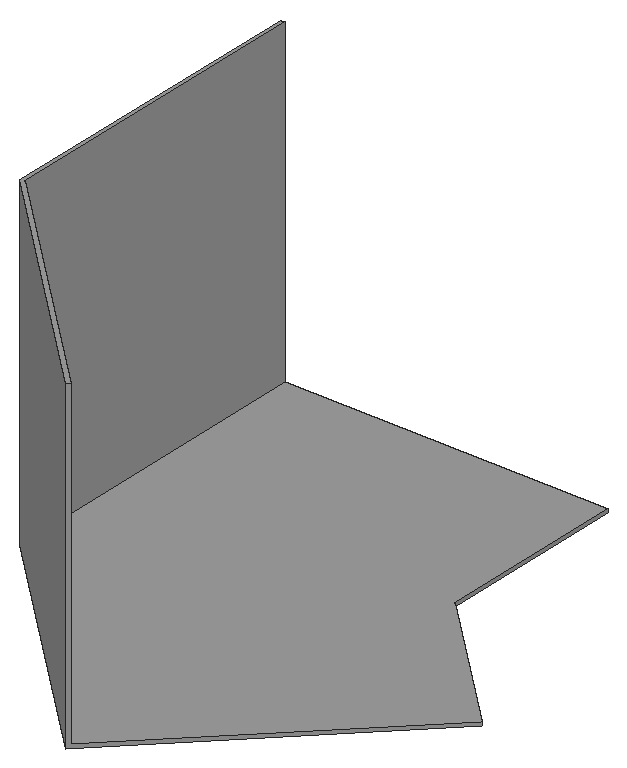
Revit family "45d72d71-17cd-48a5-83cf-7e456cb9605e", category Generic Models, Revit 2012
Parameters (values of type "As Specified")
  Unit Width = 0' - 6"
  Unit Height = 0' - 6"
  Unit Depth = 0' - 6"
  URL = "http://www.hyload.com/"
  Thickness = 0' - 0 1/16"
  Specification = "http://www.arcat.com/sdspecs/htm04/07_65_00hyl.htm"
  Sales Information = "http://www.hyload.com/contact-us"
  Revision = "R1_12-2015"
  Product Properties = "http://www.hyload.com/masonry-flashing/preformed-shapes/"
  Product Data = "http://www.arcat.com/arcatcos/cos33/arc33176.html"
  Model = "Inside Corner (135)"
  Manufacturer Website = "http://www.hyload.com/"
  Manufacturer Phone - Toll Free = "800-457-4056"
  Manufacturer Phone = "330-769-3546"
  Manufacturer Fax = "330-769-4153"
  Manufacturer Address = "5020 Panther Pkwy., Seville, OH 44273"
  Manufacturer = "Hyload"
  Keynote = "07 65 00"
  Flashing Material = Hyload Flashing Membrane - Grey
  Drawn By = "Robert S. Weygant / Sumex Design"
  Description = "Preformed Hyload Masonry Flashing - Inside Corner (135)"
  Copyright = "(c) ARCAT, Inc, 2015"
  Construction Details = "http://www.arcat.com/details/hyload/hyload.html?coid=33176"
  Assembly Code = "B3010400"
Reference planes (in)
  plane 1 "Center (Front/Back)": y = 0
  plane 2: z = 0
  plane 3 "Center (Left/Right)": x = 0
  plane 4: y = 6
  plane 5: x = 6
  plane 6: z = 6
Forms (in)
  Extrusion 1, solid, material "Hyload Flashing Membrane - Grey" <- "Flashing Material"
    sketch origin (0, 0, 0) x (1, 0, 0) y (0, 1, 0)
      loop
        line (0, 6) -> (0, 0) -> (4.24264, -4.24264) -> (8.48528, 0) -> (6, 2.48528) -> (6, 6) -> (0, 6)
    from 0 to 0.0625 <- "Thickness"
  Extrusion 2, solid, material "Hyload Flashing Membrane - Grey" <- "Flashing Material"
    sketch origin (0, 0, 0) x (1, 0, 0) y (0, 1, 0)
      loop
        line (0, 6) -> (0, 0) -> (4.24264, -4.24264) -> (4.28683, -4.19845) -> (0.0625, 0.02589) -> (0.0625, 6) -> (0, 6)
    from 0 to 6 <- "Unit Height"
Cuts and joins
  joined: Extrusion 1, Extrusion 2
Dimensions and locks (in)
  "Unit Depth": plane 1 "Center (Front/Back)" to plane 4
  "Unit Width": plane 3 "Center (Left/Right)" to plane 5
  "Unit Height": plane 6 to level
  "Thickness": plane 3 "Center (Left/Right)" to Extrusion 2 sketch curve
  "Unit Depth": Extrusion 2 sketch curve to Extrusion 2 sketch curve
  "Thickness": Extrusion 2 sketch curve to Extrusion 2 sketch curve
  aligned and locked: plane 2 to level
  aligned and locked: Extrusion 1 sketch curve to plane 4
  aligned and locked: plane 3 "Center (Left/Right)" to Extrusion 1 sketch curve
  aligned and locked: Extrusion 1 sketch curve to plane 5
  aligned and locked: plane 4 to Extrusion 2 sketch curve
  aligned and locked: Extrusion 2 sketch curve to plane 3 "Center (Left/Right)"
  aligned and locked: Extrusion 2 to level
Automatic sketch dimensions
  plane 1 "Center (Front/Back)" to Extrusion 2 sketch curve = 0' - 0"
  Extrusion 2 sketch curve to Extrusion 2 sketch curve = 0' - 0.04419"
  plane 1 "Center (Front/Back)" to Extrusion 1 sketch curve = 0' - 0"  (x2)
  Extrusion 1 sketch curve to plane 5 = 0' - 1.75736"
  plane 5 to Extrusion 1 sketch curve = 0' - 2.48528"
